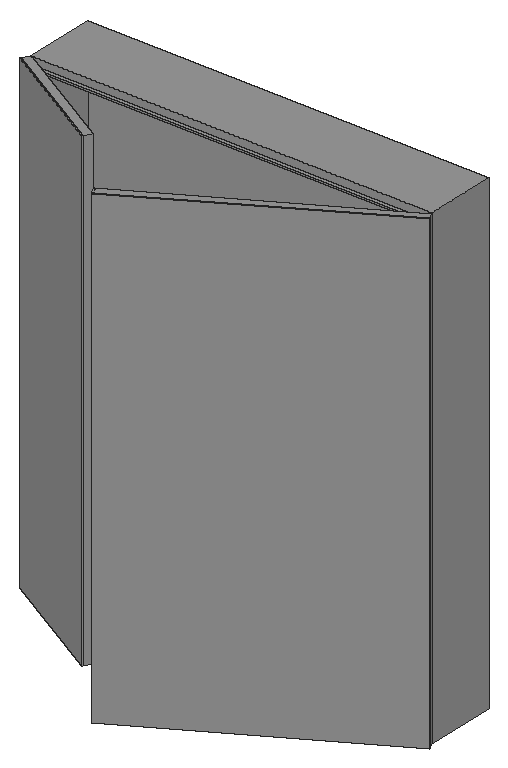
Revit family "Hager-Univers-IP44-D161-Cl.II-FWQ-encl-NoHosted-AT-de", category Equipement électrique, Revit 2020
Family settings
  Configuration du panneau = Deux colonnes, circuits au sein
  Cote de connecteur circulaire = Utiliser le diamètre
  Type d'élément = Tableau de raccordement
  Basée sur le plan de construction = Oui
  Toujours verticalement = Oui
  Couper avec des vides une fois chargée = Non
  Partagée = Non
  Point de calcul de pièce = Non
Parameters (values of type "Aufputz IP44 B800 H950 T161  - FWQ63N")
  Width Control [instance] = if([EF000008 - Breite] > Min Width, [EF000008 - Breite], Min Width)  # 800 mm
  Commentaires du type = [HG000003 - Bereich]  # "Univers"
  Thickness Door [instance] = if([EF009171 - Materialstärke Tür/Deckel] > 3 mm, 3 mm, [EF009171 - Materialstärke Tür/Deckel])  # 2 mm
  Seal Frame Offset [instance] = 17 mm  # constant formula
  Plinth Visibility [instance] = [HG000027 - Sockelhöhe] > 0 mm  # no
  Min Width [instance] = 100 mm  # constant formula
  Min Depth [instance] = (2 * [EF009170 - Materialstärke Gehäuse]) + 1 mm  # 5 mm
  Min Height [instance] = 100 mm  # constant formula
  Internal Frame Depth [instance] = (Door System Depth * 0.5)  # 9 mm
  Panel Name [instance] = ""  # (empty or 0)
  Model = ""
  HG000027 - Sockelhöhe = 0 mm
  HG000026 - Stehend auf dem Boden = no
  HG000024 - Höhe des unteren Teils = 600 mm
  HG000023 - Gehäuse mit doppeltem Querschnitt = no
  HG000016 - 3D-Türsichtbarkeit [instance] = yes
  HG000015 - Sichtbarkeit der Türöffnung [instance] = no
  HG000014 - Tür rechts [instance] = yes
  HG000013 - Tür links [instance] = not([HG000014 - Tür rechts])  # no
  HG000012 - Türschwenkwinkel [instance] = 30.00°
  HG000010 - Asymmetrische Türen = yes
  HG000009 - Doppelflügeligen Tür = yes
  HG000006 - Unterputz = no
  HG000004 - Herstellerreferenz = "FWQ63N"
  HG000003 - Bereich = "Univers"
  HG000002 - Mit tür = yes
  Frame Offset Bottom [instance] = 10 mm  # constant formula
  Frame Offset [instance] = 15 mm  # constant formula
  EF015940 - Deckel mit Überdruckentlastung = no
  EF011959 - Schutzart (NEMA) = ""
  EF009554 - Anzahl der Öffnungen für Flanschplatten = 6
  EF009212 - Ausführung Deckel = "EV009916 - mit Ausschnitt"
  EF009171 - Materialstärke Tür/Deckel = 2 mm
  EF009170 - Materialstärke Gehäuse = 2 mm
  EF008873 - Nennstrom (In) = 125 A
  EF007800 - Geeignet für Blitzschutz = no
  EF006306 - Mit Schloss = no
  EF006244 - Transparenter Deckel/Tür = no
  EF005474 - Schutzart (IP) = "EV006418 - IP44"
  EF004464 - Art der Tür = "EV002646 - Einzel"
  EF004427 - Anzahl der Module = 144
  EF004293 - Schlagfestigkeit = "EV006815 - IK09"
  EF003532 - Geeignet für Außengebrauch = no
  EF002950 - Breite in Teilungseinheiten = 36
  EF001613 - Funktionserhalt = "EV000494 - ohne"
  EF001596 - Werkstoff des Gehäuses = "EV000179 - Stahl"
  EF001131 - Innentiefe = 161 mm
  EF001088 - Anbaumöglichkeit = yes
  EF000437 - Anzahl der Leitungseinführungen = 12
  EF000339 - Art der Abdeckung = "EV001012 - Deckel"
  EF000266 - Anzahl der Reihen = 3
  EF000218 - Einbautiefe = 0 mm
  EF000118 - Mit Montageplatte = yes
  EF000116 - RAL-Nummer = "9010"
  EF000049 - Tiefe = 161 mm
  EF000040 - Höhe = 950 mm
  EF000008 - Breite = 800 mm
  EF000007 - Farbe = "EV000202 - weiß"
  EF000003 - Montageart = "EV000384 - Aufputz"
  Door System Leaf Tolerance [instance] = 1.5 mm  # constant formula
  Door System Depth [instance] = 18 mm  # constant formula
  Door Height [instance] = Height Control - [HG000027 - Sockelhöhe]  # 950 mm
  Description = ""
  Default Elevation = 1219.2 mm
  Connector Offset [instance] = Height Control / 2  # 475 mm
  Fabricant = "Hager"  # constant formula
  Height Control [instance] = if([EF000040 - Höhe] > Min Height, [EF000040 - Höhe], Min Height)  # 950 mm
  Depth Control [instance] = if([EF000049 - Tiefe] > Min Depth, [EF000049 - Tiefe], Min Depth)  # 161 mm
  Bottom Top Plate Trim [instance] = 1.5 mm  # constant formula
  Plinth height Ctrl [instance] = if([HG000027 - Sockelhöhe] > 0 mm, [HG000027 - Sockelhöhe], 12 mm)  # 12 mm
Types (14, lengths in mm): name | Width Control | HG000010 - Asymmetrische Türen | HG000009 - Doppelflügeligen Tür | HG000004 - Herstellerreferenz | EF009554 - Anzahl der Öffnungen für Flanschplatten | EF004427 - Anzahl der Module | EF002950 - Breite in Teilungseinheiten | EF000437 - Anzahl der Leitungseinführungen | EF000266 - Anzahl der Reihen | EF000040 - Höhe | EF000008 - Breite | Door Height | Connector Offset | Height Control
  Aufputz IP44 B1050 H1100 T161  - FWQ74N | 1050 | no | yes | "FWQ74N" | 8 | 240 | 48 | 16 | 4 | 1100 | 1050 | 1100 | 550 | 1100
  Aufputz IP44 B1050 H500 T161  - FWQ34P | 1050 | no | yes | "FWQ34P" | 8 | 144 | 48 | 16 | 4 | 500 | 1050 | 500 | 250 | 500
  Aufputz IP44 B1050 H650 T161  - FWQ44P | 1050 | no | yes | "FWQ44P" | 8 | 192 | 48 | 16 | 4 | 650 | 1050 | 650 | 325 | 650
  Aufputz IP44 B300 H650 T161  - FWQ41P | 300 | no | no | "FWQ41P" | 2 | 48 | 12 | 4 | 1 | 650 | 300 | 650 | 325 | 650
  Aufputz IP44 B550 H1100 T161  - FWQ72N | 550 | no | no | "FWQ72N" | 4 | 120 | 24 | 8 | 2 | 1100 | 550 | 1100 | 550 | 1100
  Aufputz IP44 B550 H500 T161  - FWQ32P | 550 | no | no | "FWQ32P" | 4 | 96 | 24 | 8 | 8 | 500 | 550 | 500 | 250 | 500
  Aufputz IP44 B550 H650 T161  - FWQ42P | 550 | no | no | "FWQ42P" | 4 | 96 | 24 | 8 | 2 | 650 | 550 | 650 | 325 | 650
  Aufputz IP44 B550 H800 T161  - FWQ52N | 550 | no | no | "FWQ52N" | 4 | 72 | 24 | 8 | 2 | 800 | 550 | 800 | 400 | 800
  Aufputz IP44 B550 H950 T161  - FWQ62N | 550 | no | no | "FWQ62N" | 4 | 96 | 24 | 8 | 2 | 950 | 550 | 950 | 475 | 950
  Aufputz IP44 B800 H1100 T161  - FWQ73N | 800 | yes | yes | "FWQ73N" | 6 | 180 | 36 | 12 | 3 | 1100 | 800 | 1100 | 550 | 1100
  Aufputz IP44 B800 H500 T161  - FWQ33P | 800 | yes | yes | "FWQ33P" | 6 | 108 | 36 | 12 | 3 | 500 | 800 | 500 | 250 | 500
  Aufputz IP44 B800 H650 T161  - FWQ43P | 800 | yes | yes | "FWQ43P" | 6 | 144 | 36 | 12 | 3 | 650 | 800 | 650 | 325 | 650
  Aufputz IP44 B800 H800 T161  - FWQ53N | 800 | yes | yes | "FWQ53N" | 6 | 108 | 36 | 12 | 3 | 800 | 800 | 800 | 400 | 800
  Aufputz IP44 B800 H950 T161  - FWQ63N | 800 | yes | yes | "FWQ63N" | 6 | 144 | 36 | 12 | 3 | 950 | 800 | 950 | 475 | 950
Reference planes
  plane 1 "Center (Front/Back)": y = 0
  plane 2: z = 0
  plane 3 "Center (Left/Right)": x = 0
  plane 4: y = 0
  plane 5: y = 0
  plane 6: z = 0
  plane 7: x = -400
  plane 8: x = 400
  plane 9: x = 398
  plane 10: x = -398
  plane 11: z = 0
  plane 12: z = 2
  plane 13: y = -161
  plane 14: y = -2
  plane 15: x = 0
  plane 16: y = -143
  plane 17: y = -159
  plane 18: y = -141
  plane 19: x = -383
  plane 20: x = 383
  plane 21: z = 12
  plane 22: x = -383
  plane 23: x = 383
  plane 24: z = 0
  plane 25: z = 950
  plane 26: z = 950
  plane 27: z = 933
  plane 28: z = 948
Forms (mm)
  Extrusion 1, solid, material "Hager_Steel_RAL7035_Light_Grey", detail levels medium+fine
    sketch origin (-208.679, -4572, 0) x (-1, 0, 0) y (0, -1, 0)
      loop
        line (191.321, -4429) -> (-608.679, -4429) -> (-608.679, -4572) -> (191.321, -4572) -> (191.321, -4429)
    from 0 to 950
  Extrusion 2, void
    sketch origin (-350.771, -161, 1219.2) x (1, 0, 0) y (0, 0, 1)
      loop
        line (-47.229, -271.2) -> (-47.229, -1217.2) -> (748.771, -1217.2) -> (748.771, -271.2) -> (-47.229, -271.2)
    from -20 to -159
  Extrusion 3, void
    sketch origin (-290.084, -143, 1219.2) x (1, 0, 0) y (0, 0, 1)
      loop
        line (-92.916, -1207.2) -> (673.084, -1207.2) -> (673.084, -286.2) -> (-92.916, -286.2) -> (-92.916, -1207.2)
    from 0 to -2
  Extrusion 4, solid, material "Hager_Steel_RAL7035_Light_Grey", visible <- "Plinth Visibility", detail levels medium+fine
    sketch origin (0, 0, 0) x (1, 0, 0) y (0, 1, 0)
      loop
        line (-400, 0) -> (-400, -143) -> (400, -143) -> (400, 0) -> (-400, 0)
    from 0 to 12 <- "Plinth height Ctrl"
  Extrusion 5, solid, material "Hager_Steel_RAL7035_Light_Grey", detail levels coarse
    sketch origin (0, 0, 0) x (1, 0, 0) y (0, 1, 0)
      loop
        line (-400, 0) -> (-400, -161) -> (400, -161) -> (400, 0) -> (-400, 0)
    from 0 to 950 <- "Height Control"
  Sweep 6, void
    path in 3D
      loop
        line (-400, -143, 12) -> (400, -143, 12) -> (400, 0, 12) -> (-400, 0, 12) -> (-400, -143, 12)
    profile origin (-400, -71.5, 12) x (1, 0, 0) y (0, 0, 1)
      loop
        line (0, 0) -> (0, -1.5) -> (1.5, -1.5)
        arc (1.5, -1.5) -> (1.061, -0.439) -> (0, 0) r 1.5
  Extrusion 7, solid, material "Hager_Steel_RAL7035_Light_Grey", detail levels fine
    sketch origin (-400, -143, 0) x (1, 0, 0) y (0, 0, 1)
      loop
        line (17, 12) -> (783, 12) -> (783, 933) -> (17, 933) -> (17, 12)
      loop
        line (15, 10) -> (785, 10) -> (785, 935) -> (15, 935) -> (15, 10)
    from 0 to 9 <- "Internal Frame Depth"
Cuts and joins
  Extrusion 2, Extrusion 3 cuts Extrusion 1
  Sweep 6 cuts Extrusion 4
Lines and regions (mm)
  Masking region 1
    outline origin (0, 0, 0) x (1, 0, 0) y (0, 1, 0)
      loop
        line (-400, 0) -> (-400, -161) -> (400, -161) -> (400, 0) -> (-400, 0)
  Masking region 2, detail levels coarse
    outline origin (-290.084, -143, 1219.2) x (-1, 0, 0) y (0, 0, 1)
      loop
        line (-690.084, -1219.2) -> (109.916, -1219.2) -> (109.916, -269.2) -> (-690.084, -269.2) -> (-690.084, -1219.2)
  Masking region 3, detail levels coarse
    outline origin (0, 0, 0) x (0, 1, 0) y (0, 0, 1)
      loop
        line (0, 0) -> (0, 950) -> (-161, 950) -> (-161, 0) -> (0, 0)
  Masking region 4, visible <- "Plinth Visibility", detail levels medium+fine
    outline origin (0, 0, 0) x (0, 1, 0) y (0, 0, 1)
      loop
        line (-1.5, 12) -> (-141.5, 12)
        arc (-141.5, 12) -> (-141.939, 10.939) -> (-143, 10.5) r 1.5
        line (-143, 10.5) -> (-143, 0) -> (0, 0) -> (0, 10.5)
        arc (0, 10.5) -> (-1.061, 10.939) -> (-1.5, 12) r 1.5
  Masking region 5, detail levels medium+fine
    outline origin (0, 0, 594.038) x (0, 1, 0) y (0, 0, 1)
      loop
        line (0, -594.038) -> (0, 355.962) -> (-143, 355.962) -> (-143, -594.038) -> (0, -594.038)
  Masking region 6, detail levels medium+fine
    outline origin (-359.7, -143, 1211.883) x (-1, 0, 0) y (0, 0, 1)
      loop
        line (-759.7, -1211.883) -> (40.3, -1211.883) -> (40.3, -261.883) -> (-759.7, -261.883) -> (-759.7, -1211.883)
  Masking region 7, visible <- "Plinth Visibility", detail levels medium+fine
    outline origin (-320.334, -143, 1041.368) x (-1, 0, 0) y (0, 0, 1)
      loop
        line (-720.334, -1041.368) -> (79.666, -1041.368) -> (79.666, -1030.868)
        arc (79.666, -1030.868) -> (78.606, -1030.429) -> (78.166, -1029.368) r 1.5
        line (78.166, -1029.368) -> (-718.834, -1029.368)
        arc (-718.834, -1029.368) -> (-719.273, -1030.429) -> (-720.334, -1030.868) r 1.5
        line (-720.334, -1030.868) -> (-720.334, -1041.368)
  sketch lines
    curve 1: line (-400, 0, 12) -> (-400, -143, 12)
    curve 2: line (-400, -143, 12) -> (400, -143, 12)
    curve 3: line (400, 0, 12) -> (-400, 0, 12)
    curve 4: line (400, -143, 12) -> (400, 0, 12)
Dimensions and locks
  locked: plane 1 "Center (Front/Back)" to plane 5
  "EF009170 - Materialstärke Gehäuse": plane 7 to plane 10
  "EF009170 - Materialstärke Gehäuse": plane 8 to plane 9
  equal spacing: plane 7, plane 3 "Center (Left/Right)", plane 8
  "Width Control": plane 7 to plane 8
  "Depth Control": plane 4 to plane 13
  "EF009170 - Materialstärke Gehäuse": plane 4 to plane 14
  "Height Control": plane 25 to level
  "HG000027 - Sockelhöhe": plane 11 to level
  "EF009170 - Materialstärke Gehäuse": plane 12 to plane 11
  "EF009170 - Materialstärke Gehäuse": plane 17 to plane 13
  "EF009170 - Materialstärke Gehäuse": plane 18 to plane 16
  "Frame Offset Bottom": plane 21 to plane 12
  "Frame Offset": plane 10 to plane 19
  "Frame Offset": plane 9 to plane 20
  "Door System Depth": plane 16 to plane 13
  "Seal Frame Offset": plane 7 to plane 22
  "Seal Frame Offset": plane 8 to plane 23
  "EF009170 - Materialstärke Gehäuse": plane 26 to plane 28
  "Frame Offset": plane 28 to plane 27
  "Connector Offset": plane 2 to connector elem
  "Bottom Top Plate Trim": profile plane to Sweep 6 sketch curve
  "Bottom Top Plate Trim": Sweep 6 sketch curve to Sweep 6 sketch curve
  "Plinth height Ctrl": Masking region 4 sketch curve to level
  "Plinth height Ctrl": Masking region 7 sketch curve to level
  "Thickness Door": Extrusion 7 sketch curve to Extrusion 7 sketch curve  (x4)
  "Bottom Top Plate Trim": radius of Sweep 6 sketch curve
  "Bottom Top Plate Trim": radius of Masking region 4 sketch curve  (x2)
  "Bottom Top Plate Trim": radius of Masking region 7 sketch curve  (x2)
  aligned and locked: Extrusion 2 sketch curve to plane 12
  aligned and locked: Extrusion 2 sketch curve to plane 9
  aligned and locked: Extrusion 2 sketch curve to plane 10
  aligned and locked: Extrusion 2 to plane 14
  aligned and locked: Extrusion 1 sketch curve to plane 4
  aligned and locked: plane 8 to Extrusion 1 sketch curve
  aligned and locked: plane 7 to Extrusion 1 sketch curve
  aligned and locked: Extrusion 2 to plane 18
  aligned and locked: Extrusion 3 sketch curve to plane 19
  aligned and locked: plane 20 to Extrusion 3 sketch curve
  aligned and locked: Extrusion 3 to Extrusion 2
  aligned and locked: Extrusion 3 sketch curve to plane 21
  aligned and locked: plane 3 "Center (Left/Right)" to nested 1
  aligned and locked: Extrusion 1 sketch curve to plane 16
  aligned and locked: Extrusion 4 sketch curve to cut or joined group of Extrusion 1, Extrusion 2, Extrusion 3
  aligned and locked: Masking region 1 sketch curve to plane 7
  aligned and locked: Masking region 1 sketch curve to plane 5
  aligned and locked: Masking region 1 sketch curve to plane 8
  aligned and locked: Masking region 2 sketch curve to level
  aligned and locked: level to Masking region 3 sketch curve
  aligned and locked: plane 1 "Center (Front/Back)" to Masking region 3 sketch curve
  aligned and locked: plane 13 to Masking region 3 sketch curve
  aligned and locked: plane 5 to Masking region 4 sketch curve
  aligned and locked: Masking region 2 sketch curve to plane 8
  aligned and locked: Masking region 2 sketch curve to plane 7
  aligned and locked: plane 7 to nested 2
  aligned and locked: nested 2 to plane 5
  aligned and locked: plane 5 to Masking region 5 sketch curve
  aligned and locked: plane 26 to Masking region 5 sketch curve
  aligned and locked: Extrusion 5 sketch curve to plane 8
  aligned and locked: Extrusion 5 sketch curve to plane 7
  aligned and locked: Extrusion 5 sketch curve to plane 5
  aligned and locked: Extrusion 3 sketch curve to plane 27
  aligned and locked: Extrusion 2 sketch curve to plane 28
  aligned and locked: Masking region 2 to plane 25
  aligned and locked: Extrusion 4 to plane 16
  aligned and locked: profile plane to Sweep 6 sketch curve
  aligned and locked: Masking region 5 sketch curve to plane 24
  aligned and locked: level to Masking region 4 sketch curve
  aligned and locked: Masking region 1 to plane 13
  aligned and locked: nested 1 to plane 16
  aligned and locked: Masking region 3 to plane 25
  aligned and locked: plane 16 to Masking region 4 sketch curve
  aligned and locked: Masking region 5 sketch curve to plane 16
  aligned and locked: plane 24 to plane 11
  aligned and locked: plane 26 to plane 25
  aligned and locked: plane 26 to cut or joined group of Extrusion 1, Extrusion 2, Extrusion 3
  aligned and locked: nested 1 to plane 24
  aligned and locked: Extrusion 1 to Extrusion 3
  aligned and locked: Masking region 6 sketch curve to plane 8
  aligned and locked: Masking region 6 sketch curve to plane 24
  aligned and locked: Masking region 6 sketch curve to plane 7
  aligned and locked: Masking region 6 sketch curve to plane 26
  aligned and locked: Masking region 7 sketch curve to plane 7
  aligned and locked: level to Masking region 7 sketch curve
  aligned and locked: Masking region 7 sketch curve to plane 8
  aligned and locked: Extrusion 7 sketch curve to cut or joined group of Extrusion 1, Extrusion 2, Extrusion 3  (x4)
Automatic sketch dimensions
  plane 19 to Extrusion 3 sketch curve = 0 mm
  Extrusion 3 sketch curve to plane 20 = 0 mm
  Extrusion 3 sketch curve to plane 21 = 0 mm
  Extrusion 4 sketch curve to plane 7 = 0 mm
  Extrusion 4 sketch curve to plane 8 = 0 mm
  Extrusion 4 sketch curve to plane 16 = 0 mm
  Masking region 1 sketch curve to plane 13 = 0 mm
  Masking region 2 sketch curve to plane 25 = 0 mm
  Masking region 3 sketch curve to plane 25 = 0 mm
  Extrusion 5 sketch curve to plane 13 = 0 mm
  profile plane to Sweep 6 sketch curve = 0 mm
Nested families
  nested 1: "EC000058_Univers_Door" at (0, -143, 0), Double <- "HG000009 - Doppelflügeligen Tür", Transparent <- "EF006244 - Transparenter Deckel/Tür", Angle <- "HG000012 - Türschwenkwinkel", Door_Right <- "HG000014 - Tür rechts", Assymetrical <- "HG000010 - Asymmetrische Türen", Door <- "HG000002 - Mit tür", Width_Ctrl <- "Width Control", 3d_Door <- "HG000016 - 3D-Türsichtbarkeit", Clearance <- "HG000015 - Sichtbarkeit der Türöffnung", Door_Left <- "HG000013 - Tür links", Width <- "Width Control", Door_Depth <- "Door System Depth", Leaf_Tolerance <- "Door System Leaf Tolerance", Height <- "Door Height", Lock_Visibility <- "EF006306 - Mit Schloss", Thickness <- "Thickness Door", type "EC000058_Univers_Door", detail levels medium+fine
    with min_wh 5 mm, Width_Ctrl 800 mm, Width 800 mm, Transparent no, Thickness 2 mm, Seal_Material Hager_Rubber, Lock_Visibility no, Lock_Material Hager_Plastic_RAL9005_Jet_Black, Leaf_Width 800 mm, Leaf_Tolerance_External_Sides 0 mm, Leaf_Tolerance 1.5 mm, Leaf_Offset 0 mm, Leaf_Height 947 mm, Leaf_2_Width 532.583 mm, Leaf_2_Offset 266.292 mm, Leaf_1_Width 265.917 mm, Leaf_1_Offset 132.958 mm, Height_Ctrl 950 mm, Height 950 mm, Glass_Material Hager_Glass, Double_Clearance_Ctrl no, Double yes, Door_Right_Ctrl yes, Door_Right yes, Door_Material Hager_Steel_RAL7035_Light_Grey, Door_Left_Ctrl yes, Door_Left no, Door_Depth 18 mm, Door yes, Clearance_Material Hager_Clearance, Clearance_Depth 532.583 mm, Clearance_Ctrl no, Clearance no, Assymetrical yes, Angle 30.00°, 3d_Door yes
  nested 2: "Hager_Enclosure_Symbol" at (-400, 0, 0), Height <- "Depth Control", Width <- "Width Control", type "Hager_Enclosure_Symbol"
    with Width_Ctrl 800 mm, Width 800 mm, Height_Ctrl 161 mm, Height 161 mm, A_Width_Int 10.566 mm, A_Width 126.788 mm, A_Height_Ctrl 140.875 mm, A_Height 140.875 mm
Connectors
  electrical at (0, 0, 475)
    settings: on plane 1 "Center (Front/Back)", index 1, voltage 0 V, apparent load 0 VA, apparent load phase1 0 VA, apparent load phase2 0 VA, apparent load phase3 0 VA, power factor 1, load classification "Other", number of poles 1, system type 30, power factor state 1, is connector primary yes, connector utility no, sub classification motor no, connector description ""
Definition of nested family "EC000058_Univers_Door"
  Parameters (values of type "EC000058_Univers_Door")
    min_wh [instance] = (2 * Thickness) + 1 mm  # 11 mm
    Width_Ctrl [instance] = 400 mm
    Width [instance] = 500 mm
    Transparent [instance] = yes
    Thickness [instance] = 5 mm
    Seal_Material [instance] = none
    Lock_Visibility [instance] = yes
    Lock_Material [instance] = none
    Leaf_Width [instance] = if((Width_Ctrl - 2 * Leaf_Tolerance_External_Sides) > 0 mm, (Width_Ctrl - 2 * Leaf_Tolerance_External_Sides), min_wh)  # 400 mm
    Leaf_Tolerance_External_Sides [instance] = 0 mm  # constant formula
    Leaf_Tolerance [instance] = 1.5 mm
    Leaf_Offset [instance] = 0 mm  # constant formula
    Leaf_Height [instance] = if((Height_Ctrl - 2 * Leaf_Tolerance) > 0 mm, (Height_Ctrl - 2 * Leaf_Tolerance), min_wh)  # 497 mm
    Leaf_2_Width [instance] = if(and(and(Double, Assymetrical), Door_Left), (Leaf_Width / 3) - (Leaf_Tolerance / 2), if(and(and(Double, Assymetrical), Door_Right), (Leaf_Width / 3) * 2 - (Leaf_Tolerance / 2), if(and(Double, not(Assymetrical)), (Leaf_Width / 2) - Leaf_Tolerance, Leaf_Width)))  # 400 mm
    Leaf_2_Offset [instance] = if(and(Double, Assymetrical), Leaf_2_Width / 2, if(and(Double, not(Assymetrical)), Leaf_Width / 4, Leaf_Width / 2))  # 200 mm
    Leaf_1_Width [instance] = if(and(and(Double, Assymetrical), Door_Right), (Leaf_Width / 3) - (Leaf_Tolerance / 2), if(and(and(Double, Assymetrical), Door_Left), (Width / 3) * 2 - (Leaf_Tolerance / 2), if(and(Double, not(Assymetrical)), (Leaf_Width / 2) - Leaf_Tolerance, Leaf_Width)))  # 400 mm
    Leaf_1_Offset [instance] = if(and(Double, Assymetrical), Leaf_1_Width / 2, if(and(Double, not(Assymetrical)), Leaf_Width / 4, Leaf_Width / 2))  # 200 mm
    Height_Ctrl [instance] = if(Height > min_wh, Height, min_wh)  # 500 mm
    Height [instance] = 500 mm
    Glass_Material [instance] = none
    Double_Clearance_Ctrl [instance] = and(Double, Clearance)  # no
    Double [instance] = no
    Door_Right_Ctrl [instance] = and(or(Door_Right, Double), Door)  # yes
    Door_Right [instance] = yes
    Door_Material [instance] = none
    Door_Left_Ctrl [instance] = and(or(Door_Left, Double), Door)  # no
    Door_Left [instance] = no
    Door_Depth [instance] = 30 mm
    Door [instance] = yes
    Default Elevation = 1219.2 mm
    Clearance_Material [instance] = none
    Clearance_Depth [instance] = if(Leaf_1_Width > Leaf_2_Width, Leaf_1_Width, Leaf_2_Width)  # 400 mm
    Clearance_Ctrl [instance] = and(not(Double), Clearance)  # yes
    Clearance [instance] = yes
    Assymetrical [instance] = yes
    Angle [instance] = 30.00°
    3d_Door [instance] = yes
  Reference planes
    plane 1 "Center (Front/Back)": y = 0
    plane 2 "Bottom": z = 0
    plane 3 "Center (Left/Right)": x = 0
    plane 4: z = 500
    plane 5: x = -200
    plane 6: x = 200
    plane 7: z = 500
    plane 8: x = -200
    plane 9: z = 0
    plane 10: x = 200
    plane 11: y = 0
    plane 12: z = 1.5
    plane 13: x = -600
    plane 14: y = -400
    plane 15: x = 600
    plane 16: x = 0
    plane 17: x = 0
    plane 18: x = -200
    plane 19: x = 200
    plane 20: z = 498.5
  Forms (mm)
    Extrusion 1, solid, material <- "Clearance_Material", visible <- "Double_Clearance_Ctrl"
      sketch origin (1200, 0, 0) x (1, 0, 0) y (0, 0, -1)
        loop
          line (-1800, -498.5) -> (-600, -498.5) -> (-600, 0) -> (-1800, 0) -> (-1800, -498.5)
      from 0 to -400
  Dimensions and locks
    equal spacing: plane 5, plane 3 "Center (Left/Right)", plane 6
    "Width_Ctrl": plane 5 to plane 6
    "Leaf_Offset": plane 5 to plane 8
    "Leaf_Offset": plane 6 to plane 10
    "Leaf_Offset": plane 9 to level
    "Leaf_Offset": plane 4 to plane 7
    "Height_Ctrl": plane 4 to level
    "Leaf_Tolerance": plane 12 to plane 9
    locked: plane 11 to plane 1 "Center (Front/Back)"
    "Leaf_1_Offset": plane 18 to plane 16
    "Leaf_2_Offset": plane 17 to plane 19
    "Leaf_1_Width": plane 13 to plane 8
    "Leaf_2_Width": plane 10 to plane 15
    "Clearance_Depth": plane 14 to plane 1 "Center (Front/Back)"
    "Leaf_Tolerance_External_Sides": plane 8 to plane 18
    "Leaf_Tolerance_External_Sides": plane 19 to plane 10
    "Leaf_Tolerance": plane 7 to plane 20
    aligned and locked: level to plane 2 "Bottom"
    aligned and locked: nested 1 to plane 16
    aligned and locked: nested 2 to plane 17
    aligned and locked: Extrusion 1 to plane 13
    aligned and locked: plane 15 to Extrusion 1
    aligned and locked: Extrusion 1 to plane 14
    aligned and locked: plane 12 to nested 1
    aligned and locked: nested 2 to plane 12
    aligned and locked: Extrusion 1 to plane 11
    aligned and locked: plane 20 to Extrusion 1
    aligned and locked: nested 2 to plane 11
    aligned and locked: nested 1 to plane 11
  Automatic sketch dimensions
    Extrusion 1 sketch curve to level = 0 mm
    plane 5 to Extrusion 1 sketch curve = 400 mm
    plane 6 to Extrusion 1 sketch curve = 400 mm
    Extrusion 1 sketch curve to plane 4 = 1.5 mm
  Nested families
    nested 1: "EC000058_Univers_Door_Leaf" at (0, 0, 1.5), Width <- "Leaf_1_Width", visible <- "Door_Left_Ctrl", Leaf_Height <- "Leaf_Height", Angle <- "Angle", 3d_Door <- "3d_Door", Transparent <- "Transparent", Clearance Material <- "Clearance_Material", Clearance <- "Clearance_Ctrl", Door_Material <- "Door_Material", Glass_Material <- "Glass_Material", Door_Depth <- "Door_Depth", Lock_Material <- "Lock_Material", Seal_Material <- "Seal_Material", Lock_Visibility <- "Lock_Visibility", Thickness <- "Thickness", type "EC000058_Univers_Door_Leaf"
      with Width 400 mm, Transparent_Glass_Offset 30 mm, Transparent_Ctrl yes, Transparent yes, Thickness 5 mm, Standard no, Seal_Material none, Seal_D2 8 mm, Seal_D1 1 mm, Offset_Internal_Frame 10 mm, Lock_Width 20 mm, Lock_Visibility_3d yes, Lock_Visibility yes, Lock_Thickness_3 3 mm, Lock_Thickness_2 1 mm, Lock_Thickness_1 3 mm, Lock_Radius_Offset_2 16 mm, Lock_Radius_Offset_1 15 mm, Lock_Radius_2 5 mm, Lock_Radius 6 mm, Lock_Offset 5 mm, Lock_Material none, Lock_Height 80 mm, Lock_Cover_Top_Offset_2d 17 mm, Lock_Cover_Height -65 mm, Leaf_Height 497 mm, Internal_Seal_Thickness 8 mm, Internal_Seal_Depth_2 4.5 mm, Internal_Frame_Depth 25 mm, Glass_Thickness -1 mm, Glass_Offset -2 mm, Glass_Material none, Door_Material none, Door_Depth 30 mm, Clearance Material none, Clearance yes, Angle_Ctrl 30.00°, Angle 30.00°, 3d_Door yes
    nested 2: "EC000058_Univers_Door_Leaf" at (0, 0, 1.5) x (-1, 0, 0) z (0, 0, 1), Width <- "Leaf_2_Width", visible <- "Door_Right_Ctrl", Leaf_Height <- "Leaf_Height", Angle <- "Angle", 3d_Door <- "3d_Door", Transparent <- "Transparent", Clearance Material <- "Clearance_Material", Clearance <- "Clearance_Ctrl", Door_Material <- "Door_Material", Glass_Material <- "Glass_Material", Door_Depth <- "Door_Depth", Lock_Material <- "Lock_Material", Seal_Material <- "Seal_Material", Lock_Visibility <- "Lock_Visibility", Thickness <- "Thickness", type "EC000058_Univers_Door_Leaf"
      with Width 400 mm, Transparent_Glass_Offset 30 mm, Transparent_Ctrl yes, Transparent yes, Thickness 5 mm, Standard no, Seal_Material none, Seal_D2 8 mm, Seal_D1 1 mm, Offset_Internal_Frame 10 mm, Lock_Width 20 mm, Lock_Visibility_3d yes, Lock_Visibility yes, Lock_Thickness_3 3 mm, Lock_Thickness_2 1 mm, Lock_Thickness_1 3 mm, Lock_Radius_Offset_2 16 mm, Lock_Radius_Offset_1 15 mm, Lock_Radius_2 5 mm, Lock_Radius 6 mm, Lock_Offset 5 mm, Lock_Material none, Lock_Height 80 mm, Lock_Cover_Top_Offset_2d 17 mm, Lock_Cover_Height -65 mm, Leaf_Height 497 mm, Internal_Seal_Thickness 8 mm, Internal_Seal_Depth_2 4.5 mm, Internal_Frame_Depth 25 mm, Glass_Thickness -1 mm, Glass_Offset -2 mm, Glass_Material none, Door_Material none, Door_Depth 30 mm, Clearance Material none, Clearance yes, Angle_Ctrl 30.00°, Angle 30.00°, 3d_Door yes
  Definition of nested family "EC000058_Univers_Door_Leaf"
    Parameters (values of type "EC000058_Univers_Door_Leaf")
      Width [instance] = 2000 mm
      Transparent_Glass_Offset [instance] = 30 mm
      Transparent_Ctrl [instance] = and(Transparent, [3d_Door])  # yes
      Transparent [instance] = yes
      Thickness [instance] = 5 mm
      Standard [instance] = and(not(Transparent), [3d_Door])  # no
      Seal_Material [instance] = none
      Seal_D2 [instance] = 8 mm  # constant formula
      Seal_D1 [instance] = 1 mm  # constant formula
      Offset_Internal_Frame [instance] = 10 mm  # constant formula
      Lock_Width [instance] = 20 mm  # constant formula
      Lock_Visibility_3d [instance] = and(Lock_Visibility, [3d_Door])  # yes
      Lock_Visibility [instance] = yes
      Lock_Thickness_3 [instance] = 3 mm  # constant formula
      Lock_Thickness_2 [instance] = 1 mm  # constant formula
      Lock_Thickness_1 [instance] = 3 mm  # constant formula
      Lock_Radius_Offset_2 [instance] = Lock_Radius_Offset_1 + 1 mm  # 16 mm
      Lock_Radius_Offset_1 [instance] = 15 mm  # constant formula
      Lock_Radius_2 [instance] = Lock_Radius - 1 mm  # 5 mm
      Lock_Radius [instance] = 6 mm  # constant formula
      Lock_Offset [instance] = 5 mm  # constant formula
      Lock_Material [instance] = none
      Lock_Height [instance] = 80 mm  # constant formula
      Lock_Cover_Top_Offset_2d [instance] = Lock_Radius_Offset_2 + 1 mm  # 17 mm
      Lock_Cover_Height [instance] = -(Lock_Height - Lock_Radius_Offset_1)  # -65 mm
      Leaf_Height [instance] = 2720.336 mm
      Internal_Seal_Thickness [instance] = 8 mm  # constant formula
      Internal_Seal_Depth_2 [instance] = 4.5 mm  # constant formula
      Internal_Frame_Depth [instance] = if(Door_Depth - Thickness > 5 mm, Door_Depth - Thickness, 5 mm)  # 25 mm
      Glass_Thickness [instance] = if(Thickness > 15 mm, Glass_Offset + 10 mm, -1 mm)  # -1 mm
      Glass_Offset [instance] = if(Thickness > 15 mm, -(Thickness + 10 mm) / 2, -2 mm)  # -2 mm
      Glass_Material [instance] = none
      Door_Material [instance] = none
      Door_Depth [instance] = 30 mm
      Default Elevation = 0 mm
      Clearance Material [instance] = none
      Clearance [instance] = yes
      Angle_Ctrl [instance] = if(Angle > 180.00°, 180.00°, Angle)  # 90.00°
      Angle [instance] = 90.00°
      3d_Door [instance] = yes
    Reference planes
      plane 1 "Center (Front/Back)": y = 0
      plane 2: z = 0
      plane 3 "Center (Left/Right)": x = 0
      plane 4: y = 2000
      plane 5: x = -1000
      plane 6: x = 1000
      plane 7: x = -3000
      plane 8: z = 2720.336
      plane 9: z = 30
      plane 10: z = 2690.336
      plane 11: x = 970
      plane 12: x = -970
      plane 13: y = -3
      plane 14: z = 107.833
      plane 15: y = -5
      plane 16: y = -223.314
      plane 17: x = -1000
      plane 18: z = 1360.168
      plane 19: y = 30
    Forms (mm)
      Extrusion 1, solid, material <- "Clearance Material", visible <- "Clearance"
        sketch origin (0, 0, 0) x (1, 0, 0) y (0, 0, 1)
          loop
            line (-3000, 2720.336) -> (-3000, 0) -> (1000, 0) -> (1000, 2720.336) -> (-3000, 2720.336)
        from 0 to -2000
      Extrusion 2, solid, material <- "Door_Material", visible <- "Standard", detail levels medium+fine
        sketch origin (-1000, 0, 0) x (0, 1, 0) y (-1, 0, 0)
          loop
            line (0, 30) -> (0, 25) -> (2000, 25) -> (2000, 30) -> (0, 30)
        from 0 to 2720.336 <- "Leaf_Height"
      Extrusion 3, solid, material <- "Door_Material", visible <- "Transparent_Ctrl", detail levels medium+fine
        sketch origin (-1000, 0, 0) x (0, 1, 0) y (-1, 0, 0)
          loop
            line (0, 25) -> (2000, 25) -> (2000, 30) -> (0, 30) -> (0, 25)
        from 0 to 2720.336 <- "Leaf_Height"
      Extrusion 4, void
        sketch origin (-1025, 2000, 0) x (0, 1, 0) y (0, 0, -1)
          loop
            line (-30, -2690.336) -> (-30, -30) -> (-1970, -30) -> (-1970, -2690.336) -> (-30, -2690.336)
        from 0 to 5 <- "Thickness"
      Sweep 5, solid, material <- "Seal_Material", visible <- "Transparent_Ctrl", detail levels fine
        path in 3D
          loop
            line (-1025, 30, 30) -> (-1025, 30, 2690.336) -> (-1025, 1970, 2690.336) -> (-1025, 1970, 30) -> (-1025, 30, 30)
        profile origin (-1025, 1000, 30) x (1, 0, 0) y (0, 0, 1)
          loop
            line (0, 0) -> (0, -8) -> (1, -8) -> (1, 0) -> (0, 0)
      Extrusion 6, solid, material <- "Glass_Material", visible <- "Transparent_Ctrl", detail levels medium+fine
        sketch origin (-1030, 0, 0) x (0, 1, 0) y (0, 0, -1)
          loop
            line (1970, -2690.336) -> (1970, -30) -> (30, -30) -> (30, -2690.336) -> (1970, -2690.336)
        from -2 <- "Glass_Offset" to -1 <- "Glass_Thickness"
      Extrusion 7, solid, material <- "Door_Material", visible <- "3d_Door", detail levels medium+fine
        sketch origin (-1025, 2000, 0) x (0, -1, 0) y (0, 0, -1)
          loop
            line (0, -2720.336) -> (2000, -2720.336) -> (2000, 0) -> (0, 0) -> (0, -2720.336)
          loop
            line (1995, -5) -> (5, -5) -> (5, -2715.336) -> (1995, -2715.336) -> (1995, -5)
        from 0 to 25 <- "Internal_Frame_Depth"
      Sweep 8, solid, material <- "Seal_Material", visible <- "Transparent_Ctrl", detail levels fine
        path in 3D
          loop
            line (-1025, 0, 0) -> (-1025, 2000, 0) -> (-1025, 2000, 2720.336) -> (-1025, 0, 2720.336) -> (-1025, 0, 0)
        profile origin (-1025, 0, 1360.168) x (1, 0, 0) y (0, 1, 0)
          loop
            line (0, 10) -> (2.975, 10)
            arc (2.975, 10) -> (4.053, 10.447) -> (4.5, 11.525) r 1.525
            line (4.5, 11.525) -> (4.5, 16.527)
            arc (4.5, 16.527) -> (4.069, 17.569) -> (3.027, 18) r 1.473
            line (3.027, 18) -> (0, 18) -> (0, 10)
      Extrusion 9, solid, material <- "Lock_Material", visible <- "Lock_Visibility_3d", detail levels fine
        sketch origin (-1030, 0, 0) x (0, 1, 0) y (0, 0, -1)
          loop
            arc (1993.5, -1400.168) -> (1994.561, -1399.729) -> (1995, -1398.668) r 1.5
            line (1995, -1398.668) -> (1995, -1320.168) -> (1975, -1320.168) -> (1975, -1398.668)
            arc (1975, -1398.668) -> (1975.439, -1399.729) -> (1976.5, -1400.168) r 1.5
            line (1976.5, -1400.168) -> (1993.5, -1400.168)
        from 3 <- "Lock_Thickness_1" to 0
      Blend 10, solid, material <- "Lock_Material", visible <- "Lock_Visibility_3d", detail levels fine
        base sketch origin (-1033, 0, 0) x (0, 1, 0) y (0, 0, -1)
          loop
            line (1975, -1320.168) -> (1975, -1398.668)
            arc (1975, -1398.668) -> (1975.439, -1399.729) -> (1976.5, -1400.168) r 1.5
            line (1976.5, -1400.168) -> (1993.5, -1400.168)
            arc (1993.5, -1400.168) -> (1994.561, -1399.729) -> (1995, -1398.668) r 1.5
            line (1995, -1398.668) -> (1995, -1320.168) -> (1975, -1320.168)
        top sketch origin (-1033, 0, 0) x (0, 1, 0) y (0, 0, -1)
          loop
            line (1976, -1320.168) -> (1976, -1398.668)
            arc (1976, -1398.668) -> (1976.146, -1399.022) -> (1976.5, -1399.168) r 0.5
            line (1976.5, -1399.168) -> (1993.5, -1399.168)
            arc (1993.5, -1399.168) -> (1993.854, -1399.022) -> (1994, -1398.668) r 0.5
            line (1994, -1398.668) -> (1994, -1320.168) -> (1976, -1320.168)
        from 0 to 1 <- "Lock_Thickness_2"
      Blend 11, solid, material <- "Lock_Material", visible <- "Lock_Visibility_3d", detail levels fine
        base sketch origin (-1034, 0, 0) x (0, 1, 0) y (0, 0, -1)
          loop
            line (1978, -1320.168) -> (1978, -1384.168)
            arc (1978, -1384.168) -> (1985, -1391.168) -> (1992, -1384.168) r 7
            line (1992, -1384.168) -> (1992, -1320.168) -> (1978, -1320.168)
        top sketch origin (-1034, 0, 0) x (0, 1, 0) y (0, 0, -1)
          loop
            line (1991, -1320.168) -> (1979, -1320.168) -> (1979, -1383.168)
            arc (1979, -1383.168) -> (1985, -1389.168) -> (1991, -1383.168) r 6
            line (1991, -1383.168) -> (1991, -1320.168)
        from 0 to 3 <- "Lock_Thickness_3"
      Extrusion 12, solid, material <- "Lock_Material", visible <- "Lock_Visibility_3d", detail levels fine
        sketch origin (-1030, 1975, 1320.168) x (1, 0, 0) y (0, -1, 0)
          loop
            line (-7, -19) -> (-7, -1) -> (0, -1) -> (0, 0) -> (-8, 0) -> (-8, -20) -> (0, -20) -> (0, -19) -> (-7, -19)
        from 0 to -65 <- "Lock_Cover_Height"
      Extrusion 13, void
        sketch origin (-1038, 1995, 1320.168) x (-1, 0, 0) y (0, 0, -1)
          loop
            line (-5, -65) -> (0, -65) -> (-5, -60) -> (-5, -65)
        from 0 to 20 <- "Lock_Width"
      Extrusion 14, void
        sketch origin (-1038, 1975, 1320.168) x (0, -1, 0) y (0, 0, -1)
          loop
            circle (-10, -15.995) r 6
          loop
            circle (-10, -15.995) r 5
        from 0 to 2
      Extrusion 15, solid, material <- "Lock_Material", visible <- "Lock_Visibility_3d", detail levels medium
        sketch origin (-1030, 0, 0) x (0, 1, 0) y (0, 0, -1)
          loop
            arc (1993.5, -1400.168) -> (1994.561, -1399.729) -> (1995, -1398.668) r 1.5
            line (1995, -1398.668) -> (1995, -1320.168) -> (1975, -1320.168) -> (1975, -1398.668)
            arc (1975, -1398.668) -> (1975.439, -1399.729) -> (1976.5, -1400.168) r 1.5
            line (1976.5, -1400.168) -> (1993.5, -1400.168)
        from 8 to 0
    Cuts and joins
      Extrusion 4 cuts Extrusion 3
      Extrusion 13, Extrusion 14 cuts Extrusion 9
      Extrusion 14 cuts Blend 11
      Extrusion 13, Extrusion 14 cuts Extrusion 12
      joined: Extrusion 9, Blend 10, Blend 11, Extrusion 12
      Extrusion 14 cuts Extrusion 15
    Lines and regions (mm)
      Masking region 1, visible <- "Lock_Visibility", detail levels fine
        outline origin (0, 0, 0) x (0, 1, 0) y (0, 0, 1)
          loop
            line (30, 1320.168) -> (33, 1320.168) -> (33, 1400.168) -> (30, 1400.168) -> (30, 1320.168)
      Masking region 2, visible <- "Lock_Visibility", detail levels fine
        outline origin (0, 3.143, 0) x (0, 1, 0) y (0, 0, 1)
          loop
            line (29.857, 1354.168) -> (30.857, 1354.168) -> (30.857, 1366.168) -> (29.857, 1366.168) -> (29.857, 1354.168)
      Masking region 3, detail levels medium+fine
        outline origin (0, 0, 0) x (0, 1, 0) y (0, 0, 1)
          loop
            line (0, 0) -> (30, 0) -> (30, 2720.336) -> (0, 2720.336) -> (0, 0)
      Masking region 4, detail levels medium+fine
        outline origin (0, 0, 0) x (1, 0, 0) y (0, 0, 1)
          loop
            line (-1000, 2720.336) -> (-1000, 0) -> (1000, 0) -> (1000, 2720.336) -> (-1000, 2720.336)
      Masking region 5, visible <- "Lock_Visibility", detail levels fine
        outline origin (-47.116, 0, 0) x (1, 0, 0) y (0, 0, 1)
          loop
            arc (1024.616, 1399.168) -> (1023.556, 1398.729) -> (1023.116, 1397.668) r 1.5
            line (1023.116, 1397.668) -> (1023.116, 1320.168) -> (1041.116, 1320.168) -> (1041.116, 1397.668)
            arc (1041.116, 1397.668) -> (1040.677, 1398.729) -> (1039.616, 1399.168) r 1.5
            line (1039.616, 1399.168) -> (1024.616, 1399.168)
      Masking region 6, visible <- "Lock_Visibility", detail levels medium+fine
        outline origin (-25, 0, 0) x (1, 0, 0) y (0, 0, 1)
          loop
            arc (1001.5, 1400.168) -> (1000.439, 1399.729) -> (1000, 1398.668) r 1.5
            line (1000, 1398.668) -> (1000, 1320.168) -> (1020, 1320.168) -> (1020, 1398.668)
            arc (1020, 1398.668) -> (1019.561, 1399.729) -> (1018.5, 1400.168) r 1.5
            line (1018.5, 1400.168) -> (1001.5, 1400.168)
      Masking region 7, visible <- "Lock_Visibility", detail levels fine
        outline origin (-73.735, 0, 0) x (1, 0, 0) y (0, 0, 1)
          loop
            line (1051.735, 1382.168) -> (1065.735, 1382.168) -> (1065.735, 1384.168)
            arc (1065.735, 1384.168) -> (1058.735, 1391.168) -> (1051.735, 1384.168) r 7
            line (1051.735, 1384.168) -> (1051.735, 1382.168)
      Masking region 8, visible <- "Lock_Visibility", detail levels fine
        outline origin (-73.735, 0, 0) x (1, 0, 0) y (0, 0, 1)
          loop
            line (1052.735, 1382.168) -> (1064.735, 1382.168) -> (1064.735, 1383.168)
            arc (1064.735, 1383.168) -> (1058.735, 1389.168) -> (1052.735, 1383.168) r 6
            line (1052.735, 1383.168) -> (1052.735, 1382.168)
      Masking region 9, visible <- "Lock_Visibility", detail levels fine
        outline origin (-25, 0, 0) x (1, 0, 0) y (0, 0, 1)
          loop
            line (1020, 1320.168) -> (1020, 1382.168) -> (1000, 1382.168) -> (1000, 1320.168) -> (1020, 1320.168)
      Masking region 10, detail levels medium+fine
        outline origin (0, 0, 0) x (1, 0, 0) y (0, 0, 1)
          loop
            circle (985, 1335.144) r 6
      Masking region 11, detail levels fine
        outline origin (0, 0, 0) x (1, 0, 0) y (0, 0, 1)
          loop
            circle (985, 1335.144) r 5
      Masking region 12, visible <- "Lock_Visibility", detail levels fine
        outline origin (0, 12.767, 0) x (0, 1, 0) y (0, 0, 1)
          loop
            line (20.233, 1320.168) -> (21.233, 1320.168) -> (21.233, 1399.168) -> (20.233, 1400.168) -> (20.233, 1320.168)
      Masking region 13, visible <- "Lock_Visibility", detail levels fine
        outline origin (0, 13.767, -10) x (0, 1, 0) y (0, 0, 1)
          loop
            line (20.233, 1330.168) -> (23.233, 1330.168) -> (23.233, 1399.168) -> (20.233, 1402.168) -> (20.233, 1330.168)
      Masking region 14, visible <- "Lock_Visibility", detail levels fine
        outline origin (0, 12.767, -10) x (0, 1, 0) y (0, 0, 1)
          loop
            line (20.233, 1330.168) -> (25.233, 1330.168) -> (25.233, 1399.305) -> (20.233, 1394.305) -> (20.233, 1330.168)
      Masking region 15, visible <- "Lock_Visibility", detail levels medium
        outline origin (0, 0, 0) x (0, 1, 0) y (0, 0, 1)
          loop
            line (30, 1320.168) -> (38, 1320.168) -> (38, 1400.168) -> (30, 1400.168) -> (30, 1320.168)
      Masking region 16, visible <- "Lock_Visibility", detail levels fine
        outline origin (-1000, 0, 0) x (0, 1, 0) y (-1, 0, 0)
          loop
            line (1975, 30) -> (1995, 30) -> (1995, 38) -> (1975, 38) -> (1975, 30)
          loop
            line (1979, 37) -> (1976, 37) -> (1976, 34) -> (1978, 34) -> (1979, 37)
          loop
            line (1994, 37) -> (1991, 37) -> (1992, 34) -> (1994, 34) -> (1994, 37)
      Masking region 17, visible <- "Lock_Visibility", detail levels medium
        outline origin (-1000, 0, 0) x (0, 1, 0) y (-1, 0, 0)
          loop
            line (1975, 30) -> (1995, 30) -> (1995, 38) -> (1975, 38) -> (1975, 30)
      symbolic lines
        curve 1: line (1000, 0, 0) -> (-3000, 0, 0)
        curve 2: arc (1000, 0, 0) -> (-1000, 2000, 0) -> (-3000, 0, 0) r 2000
        curve 4: line (-1030, 0, 0) -> (-1030, 2000, 0)
      reference lines
        curve 3: line (-1000, 0, 0) -> (-1000, 2000, 0)
      symbolic lines, detail levels medium+fine
        curve 5: line (-1030, 2000, 0) -> (-1025, 2000, 0)
        curve 7: line (-1025, 0, 0) -> (-1030, 0, 0)
        curve 8: line (-1025, 0, 0) -> (-1000, 0, 0)
        curve 9: line (-1000, 0, 0) -> (-1000, 2000, 0)
        curve 10: line (-1000, 2000, 0) -> (-1025, 2000, 0)
      symbolic lines, detail levels fine
        curve 6: line (-1025, 2000, 0) -> (-1025, 0, 0)
      sketch lines
        curve 11: line (-1025, 0, 2720.336) -> (-1025, 0, 0)
        curve 12: line (-1025, 2000, 0) -> (-1025, 0, 0)
        curve 13: line (-1025, 2000, 2720.336) -> (-1025, 2000, 0)
        curve 14: line (-1025, 0, 2720.336) -> (-1025, 2000, 2720.336)
        curve 15: line (-1025, 1970, 30) -> (-1025, 30, 30)
        curve 16: line (-1025, 30, 30) -> (-1025, 30, 2690.336)
        curve 17: line (-1025, 1970, 2690.336) -> (-1025, 1970, 30)
        curve 18: line (-1025, 30, 2690.336) -> (-1025, 1970, 2690.336)
      symbolic lines, visible <- "Transparent", detail levels medium+fine
        curve 19: line (-970, 0, 2690.336) -> (970, 0, 2690.336)
        curve 20: line (-970, 0, 30) -> (-970, 0, 2690.336)
        curve 21: line (970, 0, 30) -> (-970, 0, 30)
        curve 22: line (970, 0, 2690.336) -> (970, 0, 30)
    Dimensions and locks
      "Width": plane 1 "Center (Front/Back)" to plane 4
      equal spacing: plane 5, plane 3 "Center (Left/Right)", plane 6
      "Width": plane 5 to plane 6
      "Width": plane 7 to plane 5
      "Leaf_Height": plane 8 to level
      "Width": curve 5 to curve 3
      "Width": curve 3 to curve 3
      plane 8 to plane 10 = 30 mm
      plane 9 to level = 30 mm
      plane 12 to plane 5 = 30 mm
      plane 6 to plane 11 = 30 mm
      Extrusion 1 to Extrusion 4 sketch curve = 30 mm
      "Transparent_Glass_Offset": curve 3 to Extrusion 4 sketch curve
      "Transparent_Glass_Offset": Extrusion 4 sketch curve to cut or joined group of Extrusion 3, Extrusion 4  (x2)
      cut or joined group of Extrusion 3, Extrusion 4 to Extrusion 6 sketch curve = 30 mm
      "Transparent_Glass_Offset": cut or joined group of Extrusion 3, Extrusion 4 to Extrusion 4 sketch curve
      "Thickness": curve 6 to curve 4
      "Thickness": Extrusion 7 sketch curve to Extrusion 7 sketch curve  (x4)
      "Door_Depth": curve 4 to curve 3
      "Offset_Internal_Frame": profile plane to Sweep 8 sketch curve
      "Internal_Seal_Thickness": Sweep 8 sketch curve to Sweep 8 sketch curve
      "Internal_Seal_Depth_2": profile plane to Sweep 8 sketch curve
      "Seal_D1": profile plane to Sweep 5 sketch curve
      "Seal_D2": profile plane to Sweep 5 sketch curve
      "Thickness": Extrusion 2 sketch curve to Extrusion 2 sketch curve
      equal spacing: Extrusion 9 sketch curve, plane 18, Extrusion 9 sketch curve  (x2)
      equal spacing: Masking region 1 sketch curve, plane 18, Masking region 1 sketch curve
      "Lock_Height": Masking region 1 sketch curve to Masking region 1 sketch curve
      "Lock_Radius": Masking region 2 sketch curve to plane 18 to Masking region 2 sketch curve
      Masking region 2 sketch curve to Masking region 1 = 1 mm
      "Door_Depth": plane 19 to plane 1 "Center (Front/Back)"
      "Lock_Thickness_1": Masking region 1 sketch curve to plane 19
      "Lock_Width": Extrusion 9 sketch curve to Extrusion 9 sketch curve
      "Lock_Height": Extrusion 9 sketch curve to Extrusion 9 sketch curve
      "Lock_Offset": cut or joined group of Extrusion 3, Extrusion 4 to Extrusion 9 sketch curve
      equal spacing: plane 8, plane 18, level
      "Lock_Radius_Offset_1": Blend 11 sketch curve to Blend 10
      locked: Blend 10 to Blend 11 sketch curve at 2  (x2)
      locked: var sketch to Blend 11 sketch curve at 1  (x2)
      "Lock_Radius_Offset_2": Blend 11 sketch curve to Blend 10
      locked: Extrusion 12 sketch curve to Extrusion 12 sketch curve at 1  (x3)
      Masking region 6 sketch curve to Masking region 6 sketch curve = 80 mm
      "Lock_Height": Masking region 6 sketch curve to Masking region 6 sketch curve
      "Lock_Width": Masking region 6 sketch curve to Masking region 6 sketch curve
      locked: Masking region 6 to Masking region 5 sketch curve at 1  (x3)
      locked: Masking region 5 to Masking region 7 sketch curve at 2  (x2)
      "Lock_Radius_Offset_1": Masking region 5 to Masking region 7 sketch curve
      "Lock_Radius_Offset_2": Masking region 5 to Masking region 8 sketch curve
      locked: Masking region 7 to Masking region 8 sketch curve at 1  (x2)
      "Lock_Cover_Top_Offset_2d": Masking region 5 to Masking region 9 sketch curve
      equal spacing: Masking region 9, Masking region 10 sketch curve, Masking region 9
      equal spacing: Masking region 9, Masking region 11 sketch curve, Masking region 9
      Extrusion 15 sketch curve to Extrusion 15 sketch curve = 80 mm
      "Lock_Width": Extrusion 15 sketch curve to Extrusion 15 sketch curve
      "Lock_Height": Extrusion 15 sketch curve to Extrusion 15 sketch curve
      equal spacing: Extrusion 15 sketch curve, plane 18, Extrusion 15 sketch curve
      "Lock_Thickness_3": Masking region 13 sketch curve to Masking region 13 sketch curve
      "Lock_Height": Masking region 12 sketch curve to Masking region 12 sketch curve
      locked: Masking region 13 sketch curve to Masking region 1 at 8
      locked: Masking region 14 sketch curve to Masking region 13 at 1
      locked: Masking region 14 sketch curve to Masking region 1 at 10.863
      "Lock_Height": Masking region 15 sketch curve to Masking region 15 sketch curve
      "Lock_Offset": Extrusion 15 sketch curve to cut or joined group of Extrusion 3, Extrusion 4
      "Lock_Offset": plane 6 to Masking region 6 sketch curve
      radius of Sweep 8 sketch curve = 1.525 mm
      radius of Sweep 8 sketch curve = 1.473 mm
      radius of Extrusion 9 sketch curve = 1.5 mm  (x2)
      "Lock_Radius": radius of Extrusion 14 sketch curve
      "Lock_Radius_2": radius of Extrusion 14 sketch curve
      "Lock_Radius": radius of Masking region 10 sketch curve
      "Lock_Radius_2": radius of Masking region 11 sketch curve
      radius of Extrusion 15 sketch curve = 1.5 mm  (x2)
      "Angle_Ctrl": angle plane 1 "Center (Front/Back)" to curve 3
      locked: Masking region 12 sketch curve to Masking region 12 sketch curve (angle 45.00°)
      locked: Masking region 13 sketch curve to Masking region 13 sketch curve (angle 45.00°)
      locked: Masking region 14 sketch curve to Masking region 14 sketch curve (angle 45.00°)
      aligned and locked: level to plane 2
      aligned and locked: Extrusion 1 to curve 1
      aligned and locked: plane 6 to Extrusion 1
      aligned and locked: Extrusion 1 to plane 1 "Center (Front/Back)"
      aligned and locked: plane 4 to Extrusion 1
      aligned and locked: plane 8 to Extrusion 1
      aligned and locked: curve 7 to Extrusion 2 sketch curve
      aligned and locked: curve 5 to Extrusion 2 sketch curve
      aligned and locked: curve 7 to Extrusion 3 sketch curve
      aligned and locked: Extrusion 3 sketch curve to curve 4
      aligned and locked: Extrusion 3 sketch curve to curve 6
      aligned and locked: Extrusion 3 sketch curve to curve 5
      aligned and locked: curve 9 to curve 3
      aligned and locked: Extrusion 7 sketch curve to cut or joined group of Extrusion 3, Extrusion 4  (x4)
      aligned and locked: plane 17 to curve 3
      aligned and locked: plane 1 "Center (Front/Back)" to curve 3
      aligned and locked: plane 17 to plane 5
      aligned and locked: Sweep 8 sketch curve to profile plane
      aligned and locked: Sweep 5 sketch curve to profile plane  (x2)
      aligned and locked: Masking region 1 to Masking region 2 sketch curve
      aligned and locked: plane 19 to Masking region 1 sketch curve
      aligned and locked: plane 1 "Center (Front/Back)" to Masking region 3 sketch curve
      aligned and locked: plane 19 to Masking region 3 sketch curve
      aligned and locked: level to Masking region 3 sketch curve
      aligned and locked: Masking region 3 sketch curve to plane 8
      aligned and locked: plane 17 to Masking region 4 sketch curve
      aligned and locked: level to Masking region 4 sketch curve
      aligned and locked: Masking region 4 sketch curve to plane 8
      aligned and locked: plane 12 to curve 20
      aligned and locked: plane 10 to curve 19
      aligned and locked: plane 11 to curve 22
      aligned and locked: curve 21 to plane 9
      aligned and locked: Extrusion 2 sketch curve to cut or joined group of Extrusion 3, Extrusion 4
      aligned and locked: Blend 10 sketch curve to Extrusion 9  (x4)
      aligned and locked: Extrusion 9 to Blend 10 sketch curve
      aligned and locked: Blend 10 to Blend 11 sketch curve
      aligned and locked: Extrusion 12 sketch curve to Blend 11
      aligned and locked: Extrusion 12 sketch curve to Extrusion 9  (x4)
      aligned and locked: Masking region 5 sketch curve to Masking region 6
      aligned and locked: Masking region 9 sketch curve to Masking region 6  (x3)
      aligned and locked: Masking region 12 sketch curve to Masking region 1
      aligned and locked: Masking region 13 sketch curve to Masking region 1
      aligned and locked: Masking region 12 to Masking region 14
      aligned and locked: Masking region 14 sketch curve to Masking region 1
      aligned and locked: Masking region 15 sketch curve to Masking region 14
      aligned and locked: Masking region 13 sketch curve to Masking region 12
      aligned and locked: Masking region 16 sketch curve to cut or joined group of Extrusion 14, Extrusion 15  (x4)
      aligned and locked: Masking region 16 sketch curve to cut or joined group of Extrusion 9, Blend 10, Blend 11, Extrusion 12, Extrusion 13, Extrusion 14  (x6)
      aligned and locked: cut or joined group of Extrusion 9, Blend 10, Blend 11, Extrusion 12, Extrusion 13, Extrusion 14 to Masking region 16 sketch curve
      aligned and locked: Masking region 17 sketch curve to cut or joined group of Extrusion 14, Extrusion 15  (x3)
      aligned and locked: Masking region 17 sketch curve to cut or joined group of Extrusion 9, Blend 10, Blend 11, Extrusion 12, Extrusion 13, Extrusion 14
      aligned and locked: Masking region 9 to Masking region 8 sketch curve
      aligned and locked: Masking region 9 to Masking region 7 sketch curve
    Automatic sketch dimensions
      plane 1 "Center (Front/Back)" to curve 2 = 0 mm
      curve 2 to plane 5 = 0 mm
      Extrusion 1 sketch curve to level = 0 mm
      Extrusion 1 sketch curve to plane 7 = 0 mm
      Extrusion 1 sketch curve to plane 6 = 0 mm
      Extrusion 1 sketch curve to plane 8 = 0 mm
      Extrusion 3 to Extrusion 6 sketch curve = 30 mm  (x4)
      Masking region 4 sketch curve to plane 6 = 0 mm
      Blend 10 sketch curve to Extrusion 9 = 1.5 mm
      Blend 10 sketch curve to Extrusion 9 = 1 mm
      Extrusion 13 sketch curve to Extrusion 12 = 0 mm  (x2)
      Extrusion 12 to Extrusion 13 sketch curve = 3 mm
      Extrusion 13 sketch curve to Extrusion 12 = 5 mm
      Extrusion 14 sketch curve to Extrusion 14 sketch curve = 0 mm  (x2)
      Extrusion 14 sketch curve to Extrusion 12 = 10 mm
      Extrusion 14 sketch curve to Extrusion 12 = 15.995 mm
      Masking region 5 sketch curve to Masking region 5 sketch curve = 1.5 mm  (x2)
      Masking region 10 sketch curve to plane 18 = 25.024 mm
      Masking region 11 sketch curve to plane 18 = 25.024 mm
      plane 19 to Masking region 14 sketch curve = 3 mm
      Masking region 16 sketch curve to Masking region 16 sketch curve = 3 mm
      curve 4 to curve 3 = 0 mm
      Blend 10 to Blend 11 sketch curve = 0 mm
      Masking region 6 sketch curve to Masking region 6 sketch curve = 1.5 mm  (x2)
      Masking region 6 sketch curve to plane 18 = 40 mm
      plane 19 to Masking region 12 sketch curve = 3 mm
      Masking region 12 sketch curve to Masking region 12 sketch curve = 1 mm
      Masking region 15 sketch curve to plane 19 = 0 mm
      Masking region 15 sketch curve to plane 18 = 40 mm
      radius of Blend 10 sketch curve to Extrusion 9 = 1 mm
Definition of nested family "Hager_Enclosure_Symbol"
  Parameters (values of type "Hager_Enclosure_Symbol")
    Width_Ctrl [instance] = if(Width > 1 mm, Width, 1 mm)  # 102.27 mm
    Width [instance] = 102.27 mm
    Height_Ctrl [instance] = if(Height > 1 mm, Height, 1 mm)  # 66.5 mm
    A_Width_Int [instance] = if(A_Width / 12 > 2 mm, A_Width / 12, 2 mm)  # 4.364 mm
    A_Width [instance] = if(A_Height_Ctrl * 0.9 > 2 mm, A_Height_Ctrl * 0.9, 2 mm)  # 52.369 mm
    A_Height_Ctrl [instance] = if(A_Height > 2 mm, A_Height, 2 mm)  # 58.188 mm
    Height [instance] = 66.5 mm
    A_Height [instance] = Height - (Height / 8)  # 58.188 mm
  Reference planes
    plane 1 "Centre (avant/arrière)": y = 0
    plane 2: z = 0
    plane 3 "Centre (gauche/droite)": x = 0
    plane 4: x = 52.369
    plane 5: y = 33.042
    plane 6: y = 41.77
    plane 7: y = 66.5
    plane 8: x = 26.184
    plane 9: y = 37.406
    plane 10: x = 102.27
    plane 11: y = 66.5
    plane 12: y = 8.313
  Lines and regions (mm)
    Filled region 1, type "Solid_Black", in view "Niveau de réf."
      outline origin (0, 0, 0) x (1, 0, 0) y (0, 1, 0)
        loop
          line (52.369, 66.5) -> (33.188, 54.536) -> (45.365, 45.006) -> (52.369, 66.5)
    Filled region 2, type "Solid_Black", in view "Niveau de réf."
      outline origin (0, 0, 0) x (1, 0, 0) y (0, 1, 0)
        loop
          line (0, 0) -> (102.27, 0) -> (102.27, 66.5) -> (0, 0)
    detail lines, in view "Niveau de réf."
      curve 1: line (0, 8.313, 0) -> (26.184, 41.77, 0)
      curve 2: line (26.184, 41.77, 0) -> (26.184, 33.042, 0)
      curve 3: line (26.184, 33.042, 0) -> (52.369, 66.5, 0)
  Dimensions and locks
    "A_Width": plane 3 "Centre (gauche/droite)" to plane 4
    equal spacing: plane 3 "Centre (gauche/droite)", plane 8, plane 4
    equal spacing: plane 6, plane 9, plane 5
    equal spacing: curve 3, Filled region 1 sketch curve, Filled region 1 sketch curve
    "Height_Ctrl": plane 1 "Centre (avant/arrière)" to plane 11
    "A_Height_Ctrl": plane 11 to plane 12
    equal spacing: plane 11, plane 9, plane 12
    "A_Width_Int": plane 6 to plane 9
    "Width_Ctrl": plane 3 "Centre (gauche/droite)" to plane 10
    angle Filled region 1 sketch curve to curve 3 = 20.00°
    angle curve 3 to Filled region 1 sketch curve = 20.00°
    locked: curve 3 to Filled region 1 sketch curve (angle 90.00°)
    aligned and locked: plane 10 to Filled region 2
    aligned and locked: plane 11 to Filled region 2 sketch curve
    aligned and locked: plane 10 to Filled region 2 sketch curve
    aligned and locked: plane 3 "Centre (gauche/droite)" to curve 1
    aligned and locked: plane 12 to curve 1
    aligned and locked: plane 7 to plane 11
  Automatic sketch dimensions
    Filled region 1 sketch curve to plane 4 = 0 mm
    Filled region 1 sketch curve to plane 7 = 0 mm
    plane 1 "Centre (avant/arrière)" to Filled region 2 sketch curve = 0 mm
    Filled region 2 sketch curve to plane 3 "Centre (gauche/droite)" = 0 mm
    curve 2 to plane 6 = 0 mm
    curve 2 to plane 8 = 0 mm
    curve 3 to plane 4 = 0 mm
    curve 2 to plane 5 = 0 mm
    curve 3 to plane 7 = 0 mm
